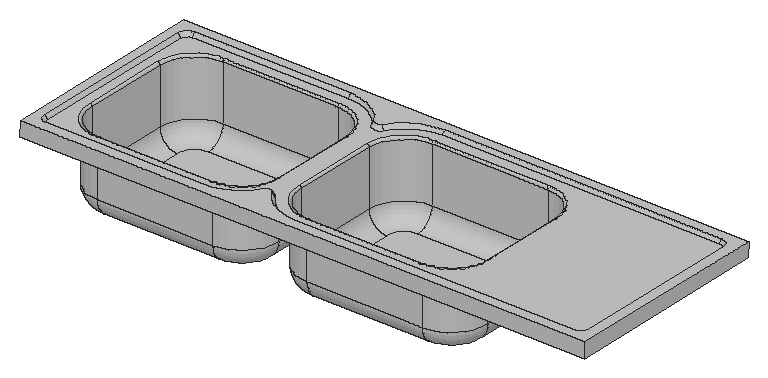
Revit family
Parameters (values of type "1200 X 435")
  Waste Connection Diameter = 40 mm
  Width Of Bowl = 330 mm
  Waste Connection Radius = Waste Connection Diameter / 2  # 20 mm
  Waste Connection = 1 = 1  # yes
  WFU = 0
  Vent Connection = 1 = 0  # no
  URL = "http://www.autospec.co.za/browse.php?id=1937217983"
  Product Code = "SDI-1200-DER"
  OmniClass Title = ""
  OmniClass Number = ""
  Modspec Classification = ""
  Specification = ""
  Material = Stainless Steel Grade 304
  Location (revit room) = ""
  Length Of Bowl = 395 mm
  HW Connection = 1 = 0  # no
  Description = ""
  Depth Of Bowl = 170 mm
  Colour = none
  CW Connection = 1 = 0  # no
  Body Finish = none
  Width = 435 mm
  Model = "Left Hand Drop-In Sink Double End Bowl SDI-1200-DER"
  Manufacturer = "Kwikot"  # constant formula
  Length = 1200 mm
  Assembly Code = "D2010410"
Reference planes
  plane 1 "Center (Front/Back)": y = 0
  plane 2 "Bottom": z = 0
  plane 3 "Center (Left/Right)": x = 0
  plane 4 "Right": x = 1200
  plane 5 "Back": y = 435
  plane 6 "Top": z = 170
  plane 7: z = 138
  plane 8: x = 50
  plane 9: x = 445
  plane 10: y = 217.5
  plane 11: y = 382.5
  plane 12: y = 52.5
  plane 13: x = 247.5
  plane 14: z = 162
  plane 15: x = 495
  plane 16: x = 890
  plane 17: x = 692.5
Forms (mm)
  Sweep 1, solid, material "Stainless Steel Grade 304" <- "Material"
    path origin (-60.109, -1524, 170) x (-1, 0, 0) y (0, -1, 0)
      loop
        line (-60.109, -1959) -> (-60.109, -1524) -> (-1260.109, -1524) -> (-1260.109, -1959) -> (-60.109, -1959)
    profile origin (600, 435, 170) x (0, 1, 0) y (0, 0, 1)
      loop
        line (-15, 0) -> (-15, -10.5) -> (-2.5, -10.5) -> (-2.5, -29.5) -> (-10, -29.5) -> (-10, -32) -> (0, -32) -> (0, 0) -> (-15, 0)
  Extrusion 2, solid, material "Stainless Steel Grade 304" <- "Material"
    sketch origin (-60.109, -1524, 170) x (-1, 0, 0) y (0, -1, 0)
      loop
        line (-75.109, -1539) -> (-1245.109, -1539) -> (-1245.109, -1944) -> (-75.109, -1944) -> (-75.109, -1539)
    from 0 to -10.5
  Extrusion 3, void
    sketch origin (-60.109, -1524, 170) x (0, -1, 0) y (-1, 0, 0)
      loop
        line (-1906.5, -185.109) -> (-1906.5, -430.109)
        arc (-1906.5, -430.109) -> (-1884.533, -483.142) -> (-1831.5, -505.109) r 75
        line (-1831.5, -505.109) -> (-1651.5, -505.109)
        arc (-1651.5, -505.109) -> (-1598.467, -483.142) -> (-1576.5, -430.109) r 75
        line (-1576.5, -430.109) -> (-1576.5, -185.109)
        arc (-1576.5, -185.109) -> (-1598.467, -132.076) -> (-1651.5, -110.109) r 75
        line (-1651.5, -110.109) -> (-1831.5, -110.109)
        arc (-1831.5, -110.109) -> (-1884.533, -132.076) -> (-1906.5, -185.109) r 75
      loop
        line (-1906.5, -630.109) -> (-1906.5, -875.109)
        arc (-1906.5, -875.109) -> (-1884.533, -928.142) -> (-1831.5, -950.109) r 75
        line (-1831.5, -950.109) -> (-1651.5, -950.109)
        arc (-1651.5, -950.109) -> (-1598.467, -928.142) -> (-1576.5, -875.109) r 75
        line (-1576.5, -875.109) -> (-1576.5, -630.109)
        arc (-1576.5, -630.109) -> (-1598.467, -577.076) -> (-1651.5, -555.109) r 75
        line (-1651.5, -555.109) -> (-1831.5, -555.109)
        arc (-1831.5, -555.109) -> (-1884.533, -577.076) -> (-1906.5, -630.109) r 75
    from 0 to 10.5
  Sweep 4, solid, material "Stainless Steel Grade 304" <- "Material"
    path origin (-60.109, -1524, 170) x (-1, 0, 0) y (0, -1, 0)
      loop
        arc (-185.109, -1906.5) -> (-132.076, -1884.533) -> (-110.109, -1831.5) r 75
        line (-110.109, -1831.5) -> (-110.109, -1651.5)
        arc (-110.109, -1651.5) -> (-132.076, -1598.467) -> (-185.109, -1576.5) r 75
        line (-185.109, -1576.5) -> (-430.109, -1576.5)
        arc (-430.109, -1576.5) -> (-483.142, -1598.467) -> (-505.109, -1651.5) r 75
        line (-505.109, -1651.5) -> (-505.109, -1831.5)
        arc (-505.109, -1831.5) -> (-483.142, -1884.533) -> (-430.109, -1906.5) r 75
        line (-430.109, -1906.5) -> (-185.109, -1906.5)
    profile origin (247.5, 382.5, 170) x (0, 1, 0) y (0, 0, 1)
      loop
        line (0, -10.5) -> (0, -130)
        arc (0, -130) -> (-10.983, -156.517) -> (-37.5, -167.5) r 37.5
        line (-37.5, -167.5) -> (-37.5, -170)
        arc (-37.5, -170) -> (-9.216, -158.284) -> (2.5, -130) r 40
        line (2.5, -130) -> (2.5, -10.5) -> (0, -10.5)
  Extrusion 5, solid, material "Stainless Steel Grade 304" <- "Material"
    sketch origin (0, 0, 0) x (1, 0, 0) y (0, 1, 0)
      loop
        arc (87.5, 127.5) -> (98.483, 100.983) -> (125, 90) r 37.5
        line (125, 90) -> (370, 90)
        arc (370, 90) -> (396.517, 100.983) -> (407.5, 127.5) r 37.5
        line (407.5, 127.5) -> (407.5, 307.5)
        arc (407.5, 307.5) -> (396.517, 334.017) -> (370, 345) r 37.5
        line (370, 345) -> (125, 345)
        arc (125, 345) -> (98.483, 334.017) -> (87.5, 307.5) r 37.5
        line (87.5, 307.5) -> (87.5, 127.5)
      loop
        circle (247.5, 217.5) r 20
    from 0 to 2.5
  Blend 6, void
    base sketch origin (0, 0, 170) x (-1, 0, 0) y (0, -1, 0)
      loop
        line (-19.702, -394.912) -> (-19.702, -40.586)
        arc (-19.702, -40.586) -> (-25.732, -26.029) -> (-40.288, -20) r 20.586
        line (-40.288, -20) -> (-370, -20)
        arc (-370, -20) -> (-422.386, -33.628) -> (-461.489, -71.056) r 107.5
        arc (-461.489, -71.056) -> (-470, -75.805) -> (-478.511, -71.056) r 10
        arc (-478.511, -71.056) -> (-517.614, -33.628) -> (-570, -20) r 107.5
        line (-570, -20) -> (-1160.007, -20)
        arc (-1160.007, -20) -> (-1174.153, -25.859) -> (-1180.012, -40.005) r 20.005
        line (-1180.012, -40.005) -> (-1180.012, -395.026)
        arc (-1180.012, -395.026) -> (-1174.147, -409.186) -> (-1159.987, -415.051) r 20.025
        line (-1159.987, -415.051) -> (-570.004, -415.051)
        arc (-570.004, -415.051) -> (-517.604, -401.419) -> (-478.49, -363.979) r 107.525
        arc (-478.49, -363.979) -> (-470, -359.24) -> (-461.51, -363.979) r 9.976
        arc (-461.51, -363.979) -> (-422.396, -401.419) -> (-369.996, -415.051) r 107.525
        line (-369.996, -415.051) -> (-39.842, -415.051)
        arc (-39.842, -415.051) -> (-25.601, -409.152) -> (-19.702, -394.912) r 20.14
    top sketch origin (0, 0, 170) x (-1, 0, 0) y (0, -1, 0)
      loop
        line (-24.702, -395.051) -> (-24.702, -40)
        arc (-24.702, -40) -> (-29.096, -29.393) -> (-39.702, -25) r 15
        line (-39.702, -25) -> (-370, -25)
        arc (-370, -25) -> (-419.949, -37.994) -> (-457.234, -73.681) r 102.5
        arc (-457.234, -73.681) -> (-470, -80.805) -> (-482.766, -73.681) r 15
        arc (-482.766, -73.681) -> (-520.051, -37.994) -> (-570, -25) r 102.5
        line (-570, -25) -> (-1160.012, -25)
        arc (-1160.012, -25) -> (-1170.619, -29.393) -> (-1175.012, -40) r 15
        line (-1175.012, -40) -> (-1175.012, -395.051)
        arc (-1175.012, -395.051) -> (-1170.619, -405.658) -> (-1160.012, -410.051) r 15
        line (-1160.012, -410.051) -> (-570, -410.051)
        arc (-570, -410.051) -> (-520.051, -397.057) -> (-482.766, -361.37) r 102.5
        arc (-482.766, -361.37) -> (-470, -354.246) -> (-457.234, -361.37) r 15
        arc (-457.234, -361.37) -> (-419.949, -397.057) -> (-370, -410.051) r 102.5
        line (-370, -410.051) -> (-39.702, -410.051)
        arc (-39.702, -410.051) -> (-29.096, -405.658) -> (-24.702, -395.051) r 15
    from 0 to -8
  Extrusion 7, solid, material "Stainless Steel Grade 304" <- "Material"
    sketch origin (0, 0, 0) x (1, 0, 0) y (0, 1, 0)
      loop
        circle (247.5, 217.5) r 20
    from 0 to -5
  Sweep 8, solid, material "Stainless Steel Grade 304" <- "Material"
    path origin (0, 0, 170) x (-1, 0, 0) y (0, -1, 0)
      loop
        arc (-890, -307.5) -> (-868.033, -360.533) -> (-815, -382.5) r 75
        line (-815, -382.5) -> (-570, -382.5)
        arc (-570, -382.5) -> (-516.967, -360.533) -> (-495, -307.5) r 75
        line (-495, -307.5) -> (-495, -127.5)
        arc (-495, -127.5) -> (-516.967, -74.467) -> (-570, -52.5) r 75
        line (-570, -52.5) -> (-815, -52.5)
        arc (-815, -52.5) -> (-868.033, -74.467) -> (-890, -127.5) r 75
        line (-890, -127.5) -> (-890, -307.5)
    profile origin (890, 217.5, 170) x (1, 0, 0) y (0, 0, 1)
      loop
        line (0, -10.5) -> (0, -130)
        arc (0, -130) -> (-10.983, -156.517) -> (-37.5, -167.5) r 37.5
        line (-37.5, -167.5) -> (-37.5, -170)
        arc (-37.5, -170) -> (-9.216, -158.284) -> (2.5, -130) r 40
        line (2.5, -130) -> (2.5, -10.5) -> (0, -10.5)
  Extrusion 9, solid, material "Stainless Steel Grade 304" <- "Material"
    sketch origin (0, 0, 0) x (1, 0, 0) y (0, 1, 0)
      loop
        arc (532.5, 127.5) -> (543.483, 100.983) -> (570, 90) r 37.5
        line (570, 90) -> (815, 90)
        arc (815, 90) -> (841.517, 100.983) -> (852.5, 127.5) r 37.5
        line (852.5, 127.5) -> (852.5, 307.5)
        arc (852.5, 307.5) -> (841.517, 334.017) -> (815, 345) r 37.5
        line (815, 345) -> (570, 345)
        arc (570, 345) -> (543.483, 334.017) -> (532.5, 307.5) r 37.5
        line (532.5, 307.5) -> (532.5, 127.5)
      loop
        circle (692.5, 217.5) r 20
    from 0 to 2.5
  Extrusion 10, solid, material "Stainless Steel Grade 304" <- "Material"
    sketch origin (0, 0, 0) x (1, 0, 0) y (0, 1, 0)
      loop
        circle (692.5, 217.5) r 20
    from 0 to -5
  Sweep 11, void
    path origin (-60.109, -1524, 170) x (-1, 0, 0) y (0, -1, 0)
      loop
        line (-430.109, -1906.5) -> (-185.109, -1906.5)
        arc (-185.109, -1906.5) -> (-132.076, -1884.533) -> (-110.109, -1831.5) r 75
        line (-110.109, -1831.5) -> (-110.109, -1651.5)
        arc (-110.109, -1651.5) -> (-132.076, -1598.467) -> (-185.109, -1576.5) r 75
        line (-185.109, -1576.5) -> (-430.109, -1576.5)
        arc (-430.109, -1576.5) -> (-483.142, -1598.467) -> (-505.109, -1651.5) r 75
        line (-505.109, -1651.5) -> (-505.109, -1831.5)
        arc (-505.109, -1831.5) -> (-483.142, -1884.533) -> (-430.109, -1906.5) r 75
    profile origin (247.5, 382.5, 170) x (0, -1, 0) y (0, 0, 1)
      loop
        line (0, -8) -> (-5, -8)
        arc (-5, -8) -> (-1.464, -9.464) -> (0, -13) r 5
        line (0, -13) -> (0, -8)
  Sweep 12, void
    path origin (-60.109, -1524, 170) x (-1, 0, 0) y (0, -1, 0)
      loop
        arc (-630.109, -1906.5) -> (-577.076, -1884.533) -> (-555.109, -1831.5) r 75
        line (-555.109, -1831.5) -> (-555.109, -1651.5)
        arc (-555.109, -1651.5) -> (-577.076, -1598.467) -> (-630.109, -1576.5) r 75
        line (-630.109, -1576.5) -> (-875.109, -1576.5)
        arc (-875.109, -1576.5) -> (-928.142, -1598.467) -> (-950.109, -1651.5) r 75
        line (-950.109, -1651.5) -> (-950.109, -1831.5)
        arc (-950.109, -1831.5) -> (-928.142, -1884.533) -> (-875.109, -1906.5) r 75
        line (-875.109, -1906.5) -> (-630.109, -1906.5)
    profile origin (692.5, 382.5, 170) x (0, 1, 0) y (0, 0, 1)
      loop
        line (0, -8) -> (0, -13)
        arc (0, -13) -> (1.464, -9.464) -> (5, -8) r 5
        line (5, -8) -> (0, -8)
Cuts and joins
  Extrusion 3, Blend 6, Sweep 11, Sweep 12 cuts Sweep 1
  Extrusion 3, Blend 6, Sweep 11, Sweep 12 cuts Extrusion 2
  Blend 6, Sweep 11, Sweep 12 cuts Sweep 4
  Blend 6, Sweep 11, Sweep 12 cuts Extrusion 5
  Sweep 11, Sweep 12 cuts Extrusion 7
  Sweep 11, Sweep 12 cuts Sweep 8
  Sweep 11, Sweep 12 cuts Extrusion 9
  joined: Sweep 1, Extrusion 2, Sweep 4, Extrusion 5, Extrusion 7, Sweep 8, Extrusion 9, Extrusion 10
Lines and regions (mm)
  symbolic lines
    curve 1: line (0, 435, 170) -> (0, 0, 170)
    curve 2: line (0, 0, 170) -> (1200, 0, 170)
    curve 3: line (1200, 0, 170) -> (1200, 435, 170)
    curve 4: line (1200, 435, 170) -> (0, 435, 170)
    curve 5: line (50, 307.5, 170) -> (50, 127.5, 170)
    curve 6: arc (125, 382.5, 170) -> (71.967, 360.533, 170) -> (50, 307.5, 170) r 75
    curve 7: line (370, 382.5, 170) -> (125, 382.5, 170)
    curve 8: arc (445, 307.5, 170) -> (423.033, 360.533, 170) -> (370, 382.5, 170) r 75
    curve 9: line (445, 127.5, 170) -> (445, 307.5, 170)
    curve 10: arc (370, 52.5, 170) -> (423.033, 74.467, 170) -> (445, 127.5, 170) r 75
    curve 11: line (125, 52.5, 170) -> (370, 52.5, 170)
    curve 12: arc (50, 127.5, 170) -> (71.967, 74.467, 170) -> (125, 52.5, 170) r 75
    curve 13: arc (267.5, 217.5, 170) -> (247.5, 197.5, 170) -> (227.5, 217.5, 170) r 20
    curve 14: arc (227.5, 217.5, 170) -> (247.5, 237.5, 170) -> (267.5, 217.5, 170) r 20
    curve 15: line (495, 127.5, 170) -> (495, 307.5, 170)
    curve 16: arc (495, 307.5, 170) -> (516.967, 360.533, 170) -> (570, 382.5, 170) r 75
    curve 17: line (570, 382.5, 170) -> (815, 382.5, 170)
    curve 18: arc (815, 382.5, 170) -> (868.033, 360.533, 170) -> (890, 307.5, 170) r 75
    curve 19: line (890, 307.5, 170) -> (890, 127.5, 170)
    curve 20: arc (890, 127.5, 170) -> (868.033, 74.467, 170) -> (815, 52.5, 170) r 75
    curve 21: line (815, 52.5, 170) -> (570, 52.5, 170)
    curve 22: arc (570, 52.5, 170) -> (516.967, 74.467, 170) -> (495, 127.5, 170) r 75
    curve 23: line (19.702, 40.586, 170) -> (19.702, 394.912, 170)
    curve 24: arc (19.702, 394.912, 170) -> (25.601, 409.152, 170) -> (39.842, 415.051, 170) r 20.14
    curve 25: line (39.842, 415.051, 170) -> (369.996, 415.051, 170)
    curve 26: line (24.702, 395.051, 170) -> (24.702, 40, 170)
    curve 27: arc (39.702, 410.051, 170) -> (29.096, 405.658, 170) -> (24.702, 395.051, 170) r 15
    curve 28: line (370, 410.051, 170) -> (39.702, 410.051, 170)
    curve 29: arc (457.234, 361.37, 170) -> (419.949, 397.057, 170) -> (370, 410.051, 170) r 102.5
    curve 30: arc (369.996, 415.051, 170) -> (422.396, 401.419, 170) -> (461.51, 363.979, 170) r 107.525
    curve 31: arc (482.766, 361.37, 170) -> (470, 354.246, 170) -> (457.234, 361.37, 170) r 15
    curve 32: arc (461.51, 363.979, 170) -> (470, 359.24, 170) -> (478.49, 363.979, 170) r 9.976
    curve 33: arc (478.49, 363.979, 170) -> (517.604, 401.419, 170) -> (570.004, 415.051, 170) r 107.525
    curve 34: arc (570, 410.051, 170) -> (520.051, 397.057, 170) -> (482.766, 361.37, 170) r 102.5
    curve 35: line (570.004, 415.051, 170) -> (1159.987, 415.051, 170)
    curve 36: line (1160.012, 410.051, 170) -> (570, 410.051, 170)
    curve 37: arc (1175.012, 395.051, 170) -> (1170.619, 405.658, 170) -> (1160.012, 410.051, 170) r 15
    curve 38: arc (1159.987, 415.051, 170) -> (1174.147, 409.186, 170) -> (1180.012, 395.026, 170) r 20.025
    curve 39: line (1180.012, 395.026, 170) -> (1180.012, 40.005, 170)
    curve 40: line (1175.012, 40, 170) -> (1175.012, 395.051, 170)
    curve 41: arc (1180.012, 40.005, 170) -> (1174.153, 25.859, 170) -> (1160.007, 20, 170) r 20.005
    curve 42: arc (1160.012, 25, 170) -> (1170.619, 29.393, 170) -> (1175.012, 40, 170) r 15
    curve 43: line (1160.007, 20, 170) -> (570, 20, 170)
    curve 44: line (570, 25, 170) -> (1160.012, 25, 170)
    curve 45: arc (570, 20, 170) -> (517.614, 33.628, 170) -> (478.511, 71.056, 170) r 107.5
    curve 46: arc (482.766, 73.681, 170) -> (520.051, 37.994, 170) -> (570, 25, 170) r 102.5
    curve 47: arc (457.234, 73.681, 170) -> (470, 80.805, 170) -> (482.766, 73.681, 170) r 15
    curve 48: arc (370, 25, 170) -> (419.949, 37.994, 170) -> (457.234, 73.681, 170) r 102.5
    curve 49: arc (478.511, 71.056, 170) -> (470, 75.805, 170) -> (461.489, 71.056, 170) r 10
    curve 50: arc (461.489, 71.056, 170) -> (422.386, 33.628, 170) -> (370, 20, 170) r 107.5
    curve 51: line (370, 20, 170) -> (40.288, 20, 170)
    curve 52: line (39.702, 25, 170) -> (370, 25, 170)
    curve 53: arc (40.288, 20, 170) -> (25.732, 26.029, 170) -> (19.702, 40.586, 170) r 20.586
    curve 54: arc (24.702, 40, 170) -> (29.096, 29.393, 170) -> (39.702, 25, 170) r 15
    curve 55: arc (672.5, 217.5, 170) -> (692.5, 197.5, 170) -> (712.5, 217.5, 170) r 20
    curve 56: arc (712.5, 217.5, 170) -> (692.5, 237.5, 170) -> (672.5, 217.5, 170) r 20
  model lines
    curve 57: line (905, 377.5, 162) -> (1160, 377.5, 162)
    curve 58: line (905, 57.5, 162) -> (905, 377.5, 162)
    curve 59: line (1160, 377.5, 162) -> (1160, 57.5, 162)
    curve 60: line (1160, 357.5, 162) -> (905, 357.5, 162)
    curve 61: line (1160, 337.5, 162) -> (905, 337.5, 162)
    curve 62: line (1160, 317.5, 162) -> (905, 317.5, 162)
    curve 63: line (1160, 297.5, 162) -> (905, 297.5, 162)
    curve 64: line (1160, 277.5, 162) -> (905, 277.5, 162)
    curve 65: line (1160, 257.5, 162) -> (905, 257.5, 162)
    curve 66: line (1160, 237.5, 162) -> (905, 237.5, 162)
    curve 67: line (1160, 217.5, 162) -> (905, 217.5, 162)
    curve 68: line (1160, 197.5, 162) -> (905, 197.5, 162)
    curve 69: line (1160, 177.5, 162) -> (905, 177.5, 162)
    curve 70: line (1160, 157.5, 162) -> (905, 157.5, 162)
    curve 71: line (1160, 137.5, 162) -> (905, 137.5, 162)
    curve 72: line (1160, 117.5, 162) -> (905, 117.5, 162)
    curve 73: line (1160, 97.5, 162) -> (905, 97.5, 162)
    curve 74: line (1160, 77.5, 162) -> (905, 77.5, 162)
    curve 75: line (1160, 57.5, 162) -> (905, 57.5, 162)
Dimensions and locks
  "Length": plane 3 "Center (Left/Right)" to plane 4 "Right"
  "Width": plane 5 "Back" to plane 1 "Center (Front/Back)"
  "Depth Of Bowl": plane 6 "Top" to plane 2 "Bottom"
  equal spacing: plane 1 "Center (Front/Back)", plane 10, plane 5 "Back"
  "Length Of Bowl": plane 8 to plane 9
  "Width Of Bowl": plane 11 to plane 12
  equal spacing: plane 11, plane 10, plane 12
  equal spacing: plane 8, plane 13, plane 9
  plane 6 "Top" to plane 7 = 32 mm
  Sweep 1 sketch curve to plane 5 "Back" = 10 mm
  Sweep 1 sketch curve to plane 5 "Back" = 15 mm
  plane 6 "Top" to Sweep 1 sketch curve = 10.5 mm
  Sweep 1 sketch curve to plane 5 "Back" = 2.5 mm
  plane 7 to Sweep 1 sketch curve = 2.5 mm
  plane 3 "Center (Left/Right)" to Blend 6 sketch curve = 19.702 mm
  Blend 6 sketch curve to plane 4 "Right" = 19.988 mm
  plane 5 "Back" to Blend 6 sketch curve = 19.949 mm
  plane 1 "Center (Front/Back)" to Blend 6 sketch curve = 20 mm
  var sketch to Blend 6 sketch curve = 5 mm  (x3)
  Blend 6 sketch curve to var sketch = 5 mm
  plane 6 "Top" to plane 14 = 8 mm
  plane 3 "Center (Left/Right)" to plane 8 = 50 mm
  "Length Of Bowl": plane 15 to plane 16
  equal spacing: plane 15, plane 17, plane 16
  plane 9 to plane 15 = 50 mm
  curve 59 to plane 4 "Right" = 40 mm
  radius of Extrusion 3 sketch curve = 75 mm  (x8)
  radius of Sweep 4 sketch curve = 37.5 mm
  radius of Sweep 4 sketch curve = 40 mm
  "Waste Connection Radius": radius of Extrusion 5 sketch curve
  radius of Blend 6 sketch curve = 20.14 mm
  radius of Blend 6 sketch curve = 20.025 mm
  radius of Blend 6 sketch curve = 20.586 mm
  radius of Blend 6 sketch curve = 20.005 mm
  radius of Blend 6 sketch curve = 15 mm  (x6)
  radius of Sweep 8 sketch curve = 37.5 mm
  radius of Sweep 8 sketch curve = 40 mm
  "Waste Connection Radius": radius of Extrusion 9 sketch curve
  radius of Blend 6 sketch curve = 102.5 mm  (x4)
  radius of Blend 6 sketch curve = 9.976 mm
  radius of Blend 6 sketch curve = 107.525 mm  (x2)
  radius of Blend 6 sketch curve = 10 mm
  radius of Blend 6 sketch curve = 107.5 mm  (x2)
  aligned and locked: level to plane 2 "Bottom"
  aligned and locked: Sweep 1 sketch curve to plane 5 "Back"
  aligned and locked: plane 3 "Center (Left/Right)" to Sweep 1 sketch curve
  aligned and locked: Sweep 1 sketch curve to plane 1 "Center (Front/Back)"
  aligned and locked: plane 4 "Right" to Sweep 1 sketch curve
  aligned and locked: Sweep 1 sketch curve to profile plane
  aligned and locked: plane 7 to Sweep 1 sketch curve
  aligned and locked: profile plane to Sweep 1 sketch curve
  aligned and locked: Extrusion 2 sketch curve to Sweep 1  (x4)
  aligned and locked: Sweep 1 to Extrusion 2
  aligned and locked: plane 6 "Top" to Extrusion 2
  aligned and locked: plane 11 to Extrusion 3 sketch curve  (x2)
  aligned and locked: Extrusion 3 sketch curve to plane 8
  aligned and locked: Extrusion 3 sketch curve to plane 12  (x2)
  aligned and locked: plane 9 to Extrusion 3 sketch curve
  aligned and locked: Sweep 1 to Extrusion 3
  aligned and locked: plane 6 "Top" to Extrusion 3
  aligned and locked: Sweep 4 sketch curve to cut or joined group 1 (Sweep 1, Extrusion 2, Extrusion 3, Sweep 4, Extrusion 5, Blend 6, Extrusion 7, Sweep 8, Extrusion 9, Extrusion 10, Sweep 11, Sweep 12)  (x5)
  aligned and locked: cut or joined group 1 to Sweep 4 sketch curve
  aligned and locked: plane 2 "Bottom" to Sweep 4 sketch curve
  aligned and locked: Extrusion 5 sketch curve to cut or joined group 1  (x4)
  aligned and locked: plane 10 to Extrusion 5 sketch curve
  aligned and locked: curve 1 to cut or joined group 1
  aligned and locked: curve 2 to cut or joined group 1
  aligned and locked: curve 3 to cut or joined group 1
  aligned and locked: curve 4 to cut or joined group 1
  aligned and locked: curve 6 to cut or joined group 1
  aligned and locked: curve 8 to cut or joined group 1
  aligned and locked: curve 10 to cut or joined group 1
  aligned and locked: curve 12 to cut or joined group 1
  aligned and locked: Extrusion 7 sketch curve to cut or joined group 1  (x2)
  aligned and locked: curve 13 to cut or joined group 1
  aligned and locked: curve 14 to cut or joined group 1
  aligned and locked: Extrusion 3 sketch curve to plane 15
  aligned and locked: plane 16 to Extrusion 3 sketch curve
  aligned and locked: plane 13 to Extrusion 5 sketch curve
  aligned and locked: Sweep 8 sketch curve to cut or joined group 1  (x5)
  aligned and locked: cut or joined group 1 to Sweep 8 sketch curve
  aligned and locked: plane 2 "Bottom" to Sweep 8 sketch curve
  aligned and locked: Extrusion 9 sketch curve to cut or joined group 1  (x4)
  aligned and locked: plane 10 to Extrusion 9 sketch curve
  aligned and locked: plane 17 to Extrusion 9 sketch curve
  aligned and locked: Extrusion 10 sketch curve to cut or joined group 1  (x2)
  aligned and locked: curve 16 to cut or joined group 1
  aligned and locked: curve 18 to cut or joined group 1
  aligned and locked: curve 20 to cut or joined group 1
  aligned and locked: curve 22 to cut or joined group 1
  aligned and locked: Sweep 11 sketch curve to cut or joined group 1  (x4)
  aligned and locked: profile plane to Sweep 11 sketch curve
  aligned and locked: cut or joined group 1 to Sweep 11 sketch curve
  aligned and locked: Sweep 12 sketch curve to cut or joined group 1  (x4)
  aligned and locked: profile plane to Sweep 12 sketch curve
  aligned and locked: cut or joined group 1 to Sweep 12 sketch curve
  aligned and locked: Blend 6 sketch curve to Blend 6 sketch curve  (x4)
  aligned and locked: curve 24 to cut or joined group 1
  aligned and locked: curve 27 to cut or joined group 1
  aligned and locked: curve 29 to cut or joined group 1
  aligned and locked: curve 30 to cut or joined group 1
  aligned and locked: curve 31 to cut or joined group 1
  aligned and locked: curve 32 to cut or joined group 1
  aligned and locked: curve 33 to cut or joined group 1
  aligned and locked: curve 34 to cut or joined group 1
  aligned and locked: curve 37 to cut or joined group 1
  aligned and locked: curve 38 to cut or joined group 1
  aligned and locked: curve 41 to cut or joined group 1
  aligned and locked: curve 42 to cut or joined group 1
  aligned and locked: curve 45 to cut or joined group 1
  aligned and locked: curve 46 to cut or joined group 1
  aligned and locked: curve 47 to cut or joined group 1
  aligned and locked: curve 48 to cut or joined group 1
  aligned and locked: curve 49 to cut or joined group 1
  aligned and locked: curve 50 to cut or joined group 1
  aligned and locked: curve 53 to cut or joined group 1
  aligned and locked: curve 54 to cut or joined group 1
  aligned and locked: curve 55 to Extrusion 10
  aligned and locked: curve 56 to Extrusion 10
Automatic sketch dimensions
  Sweep 4 sketch curve to Sweep 4 sketch curve = 0 mm
  Sweep 8 sketch curve to Sweep 8 sketch curve = 0 mm
  profile plane to Sweep 11 sketch curve = 5 mm
  Sweep 11 sketch curve to Sweep 11 sketch curve = 5 mm  (x2)
  Sweep 11 sketch curve to Sweep 11 sketch curve = 0 mm
  Sweep 11 sketch curve to profile plane = 0 mm
  Sweep 12 sketch curve to Sweep 12 sketch curve = 5 mm  (x2)
  Sweep 12 sketch curve to Sweep 12 sketch curve = 0 mm  (x2)
  Sweep 12 sketch curve to profile plane = 0 mm
  Blend 6 sketch curve to plane 15 = 12.234 mm  (x2)
  Blend 6 sketch curve to Blend 6 sketch curve = 0 mm  (x7)
  plane 9 to Blend 6 sketch curve = 12.234 mm  (x2)
  plane 15 to Blend 6 sketch curve = 75.004 mm
  Blend 6 sketch curve to plane 15 = 16.489 mm
  Blend 6 sketch curve to plane 15 = 16.51 mm
  Blend 6 sketch curve to Blend 6 sketch curve = 8.49 mm
  Blend 6 sketch curve to Blend 6 sketch curve = 5.251 mm
  curve 57 to plane 11 = 5 mm
  curve 60 to plane 11 = 25 mm
  curve 60 to curve 61 = 20 mm
  curve 61 to curve 62 = 20 mm
  curve 62 to curve 63 = 20 mm
  curve 63 to curve 64 = 20 mm
  curve 64 to curve 65 = 20 mm
  curve 65 to curve 66 = 20 mm
  plane 10 to curve 67 = 0 mm
  curve 68 to plane 10 = 20 mm
  curve 68 to curve 69 = 20 mm
  curve 69 to curve 70 = 20 mm
  curve 70 to curve 71 = 20 mm
  curve 71 to curve 72 = 20 mm
  curve 72 to curve 73 = 20 mm
  curve 73 to curve 74 = 20 mm
  plane 16 to curve 57 = 15 mm
  plane 12 to curve 58 = 5 mm
Connectors
  piping at (247.5, 217.5, -5), driven by "Waste Connection Radius", driven by "WFU"
    settings: on cut or joined group 1, index 1, connector radius 20 mm, flow factor 0, pipe flow 0.0 L/s, pressure drop 0.0 Pa, fitting loss kfactor 0, connector angle 0.00°, fixture units 0, flow configuration 3, flow direction 2, fitting loss method 4, system type 16, connector reference index -1, connector utility 0, adjustable connector no, is connector primary yes, fitting loss table "", connector description "Waste Connection"
  piping at (692.5, 217.5, -5), driven by "Waste Connection Radius", driven by "WFU"
    settings: on cut or joined group 1, index 2, connector radius 20 mm, flow factor 0, pipe flow 0.0 L/s, pressure drop 0.0 Pa, fitting loss kfactor 0, connector angle 0.00°, fixture units 0, flow configuration 3, flow direction 2, fitting loss method 4, system type 16, connector reference index -1, connector utility 0, adjustable connector no, is connector primary no, fitting loss table "", connector description "Waste Connection"
